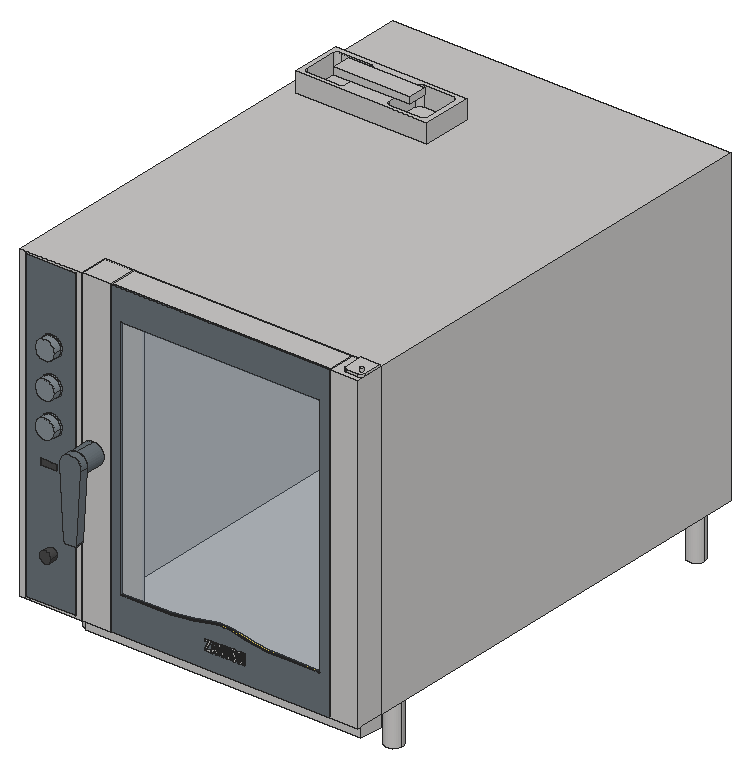
Revit family "QF_ZANUSSI_240477_ZFCG12CSBS", category Specialty Equipment, Revit 2023 (continued)
Definition of nested family "ZAN_DOOR_CROSSWISE_H820"
  Automatic sketch dimensions
    Extrusion 4 sketch curve to Extrusion 4 sketch curve = 0.597 mm  (x2)
    Extrusion 4 sketch curve to Extrusion 4 sketch curve = 2.07 mm  (x2)
    Extrusion 4 sketch curve to Extrusion 4 sketch curve = 1.298 mm  (x2)
    Extrusion 4 sketch curve to Extrusion 4 sketch curve = 1.366 mm  (x2)
    Extrusion 4 sketch curve to Extrusion 4 sketch curve = 0.362 mm  (x2)
    Extrusion 4 sketch curve to Extrusion 4 sketch curve = 0.15 mm  (x2)
    Extrusion 4 sketch curve to Extrusion 4 sketch curve = 0.726 mm  (x3)
    Extrusion 4 sketch curve to Extrusion 4 sketch curve = 0.409 mm  (x2)
    Extrusion 4 sketch curve to Extrusion 4 sketch curve = 1.432 mm  (x2)
    Extrusion 4 sketch curve to Extrusion 4 sketch curve = 2.132 mm  (x2)
    Extrusion 4 sketch curve to Extrusion 4 sketch curve = 2.415 mm  (x2)
    Extrusion 4 sketch curve to Extrusion 4 sketch curve = 2.892 mm  (x2)
    Extrusion 4 sketch curve to Extrusion 4 sketch curve = 4.969 mm
    Extrusion 4 sketch curve to Extrusion 4 sketch curve = 2.57 mm
    Extrusion 4 sketch curve to Extrusion 4 sketch curve = 0.116 mm
    Extrusion 4 sketch curve to Extrusion 4 sketch curve = 2.846 mm
    Extrusion 4 sketch curve to Extrusion 4 sketch curve = 4.422 mm  (x2)
    Extrusion 4 sketch curve to Extrusion 4 sketch curve = 1.773 mm
    Extrusion 4 sketch curve to Extrusion 4 sketch curve = 5.719 mm
    Extrusion 4 sketch curve to Extrusion 4 sketch curve = 3.505 mm
    Extrusion 4 sketch curve to Extrusion 4 sketch curve = 1.646 mm
    Extrusion 4 sketch curve to Extrusion 4 sketch curve = 0.109 mm
    Extrusion 4 sketch curve to Extrusion 4 sketch curve = 1.311 mm
    Extrusion 4 sketch curve to Extrusion 4 sketch curve = 6.224 mm
    Extrusion 4 sketch curve to Extrusion 4 sketch curve = 6.061 mm
    Extrusion 4 sketch curve to Extrusion 4 sketch curve = 5.967 mm
    Extrusion 4 sketch curve to Extrusion 4 sketch curve = 5.897 mm  (x2)
    Extrusion 4 sketch curve to Extrusion 4 sketch curve = 0.819 mm  (x3)
    Extrusion 4 sketch curve to Extrusion 4 sketch curve = 3.276 mm
    Extrusion 4 sketch curve to Extrusion 4 sketch curve = 0.856 mm
    Extrusion 4 sketch curve to Extrusion 4 sketch curve = 5.934 mm
    Extrusion 4 sketch curve to Extrusion 4 sketch curve = 6.716 mm
    Extrusion 4 sketch curve to Extrusion 4 sketch curve = 8.598 mm
    Extrusion 4 sketch curve to Extrusion 4 sketch curve = 7.535 mm
    Extrusion 4 sketch curve to Extrusion 4 sketch curve = 6.308 mm
    Extrusion 4 sketch curve to Extrusion 4 sketch curve = 1.217 mm
    Extrusion 4 sketch curve to Extrusion 4 sketch curve = 3.121 mm  (x2)
    Extrusion 5 sketch curve to plane 7 = 0 mm  (x2)
    Extrusion 5 sketch curve to plane 9 = 0 mm
    Extrusion 5 sketch curve to plane 16 = 0 mm
    Extrusion 5 sketch curve to plane 5 "Feet" = 0 mm
    plane 15 to Extrusion 5 sketch curve = 0 mm
    plane 13 to Extrusion 5 sketch curve = 0 mm
    plane 14 to Extrusion 5 sketch curve = 0 mm
    Extrusion 6 sketch curve to plane 7 = 0 mm
    Extrusion 6 sketch curve to plane 9 = 0 mm
    Extrusion 6 sketch curve to plane 16 = 0 mm
    plane 13 to Extrusion 6 sketch curve = 0 mm
    Extrusion 7 sketch curve to plane 4 "Top" = 0 mm
    Extrusion 7 sketch curve to plane 7 = 0 mm
    plane 15 to Extrusion 7 sketch curve = 0 mm
    Extrusion 7 sketch curve to plane 14 = 0 mm
    plane 5 "Feet" to Extrusion 10 sketch curve = 0 mm
    Extrusion 10 sketch curve to plane 1 "Center (Front/Back)" = 0 mm
    plane 6 "Front" to Extrusion 10 sketch curve = 10 mm
    Extrusion 10 sketch curve to Extrusion 10 sketch curve = 25 mm
    Extrusion 10 sketch curve to Extrusion 10 sketch curve = 29.545 mm
    plane 6 "Front" to Extrusion 11 sketch curve = 33.081 mm
    Extrusion 11 sketch curve to plane 3 "Center (Left/Right)" = 17.1 mm
    plane 1 "Center (Front/Back)" to Extrusion 12 sketch curve = 0 mm
    Extrusion 12 sketch curve to plane 3 "Center (Left/Right)" = 2.67 mm
    plane 6 "Front" to Extrusion 12 sketch curve = 25 mm  (x2)
    Extrusion 12 sketch curve to Extrusion 12 sketch curve = 10 mm
    Extrusion 12 sketch curve to Extrusion 12 sketch curve = 30 mm
    Extrusion 14 sketch curve to Extrusion 14 sketch curve = 0 mm  (x10)
    Extrusion 14 sketch curve to plane 4 "Top" = 59.547 mm  (x2)
    Extrusion 14 sketch curve to Extrusion 14 sketch curve = 19.857 mm  (x2)
    plane 16 to Extrusion 14 sketch curve = 75.313 mm  (x2)
    Extrusion 14 sketch curve to Extrusion 14 sketch curve = 0.426 mm  (x2)
    plane 16 to Extrusion 14 sketch curve = 72.277 mm  (x2)
    plane 5 "Feet" to Extrusion 14 sketch curve = 14.106 mm
    plane 13 to Extrusion 14 sketch curve = 38.728 mm
    plane 13 to Extrusion 14 sketch curve = 93.987 mm
    Extrusion 14 sketch curve to Extrusion 14 sketch curve = 1.078 mm  (x2)
    Extrusion 14 sketch curve to Extrusion 14 sketch curve = 20.088 mm  (x2)
    Extrusion 14 sketch curve to Extrusion 14 sketch curve = 0.669 mm
    plane 9 to Extrusion 14 sketch curve = 132.513 mm
    plane 9 to Extrusion 14 sketch curve = 125.32 mm
    plane 9 to Extrusion 14 sketch curve = 57.166 mm
    plane 16 to Extrusion 14 sketch curve = 93.896 mm
    Extrusion 14 sketch curve to Extrusion 14 sketch curve = 0.343 mm
    Extrusion 14 sketch curve to Extrusion 14 sketch curve = 0.346 mm
    Extrusion 14 sketch curve to Extrusion 14 sketch curve = 1.209 mm
    Extrusion 14 sketch curve to Extrusion 14 sketch curve = 5.816 mm  (x2)
    Extrusion 14 sketch curve to Extrusion 14 sketch curve = 5.779 mm
    Extrusion 14 sketch curve to Extrusion 14 sketch curve = 5.783 mm
    Extrusion 15 sketch curve to Extrusion 15 sketch curve = 0 mm  (x13)
    Extrusion 15 sketch curve to plane 9 = 0 mm
    plane 13 to Extrusion 15 sketch curve = 0 mm
    Extrusion 15 sketch curve to plane 4 "Top" = 59.547 mm  (x2)
    plane 8 to Extrusion 15 sketch curve = 0.808 mm  (x2)
    plane 17 to Extrusion 15 sketch curve = 113.011 mm  (x2)
    Extrusion 15 sketch curve to Extrusion 15 sketch curve = 0.173 mm  (x2)
    Extrusion 15 sketch curve to Extrusion 15 sketch curve = 19.857 mm  (x2)
    Extrusion 15 sketch curve to Extrusion 15 sketch curve = 19.97 mm  (x2)
    plane 16 to Extrusion 15 sketch curve = 75.313 mm  (x2)
    Extrusion 15 sketch curve to Extrusion 15 sketch curve = 0.426 mm  (x2)
    Extrusion 15 sketch curve to Extrusion 15 sketch curve = 2.497 mm  (x2)
    Extrusion 15 sketch curve to Extrusion 15 sketch curve = 2.422 mm  (x2)
    plane 16 to Extrusion 15 sketch curve = 72.277 mm  (x2)
    plane 5 "Feet" to Extrusion 15 sketch curve = 14.106 mm
    Extrusion 15 sketch curve to Extrusion 15 sketch curve = 14.485 mm
    Extrusion 15 sketch curve to Extrusion 15 sketch curve = 15.571 mm
    Extrusion 15 sketch curve to level = 90.354 mm
    plane 13 to Extrusion 15 sketch curve = 172.943 mm
    Extrusion 15 sketch curve to Extrusion 15 sketch curve = 250.632 mm
    plane 13 to Extrusion 15 sketch curve = 38.728 mm
    plane 13 to Extrusion 15 sketch curve = 66.611 mm
    Extrusion 15 sketch curve to Extrusion 15 sketch curve = 79.596 mm
    Extrusion 15 sketch curve to Extrusion 15 sketch curve = 14.39 mm
    Extrusion 15 sketch curve to Extrusion 15 sketch curve = 0.048 mm  (x2)
    plane 13 to Extrusion 15 sketch curve = 105.804 mm
    Extrusion 15 sketch curve to Extrusion 15 sketch curve = 1.078 mm  (x2)
    Extrusion 15 sketch curve to Extrusion 15 sketch curve = 1.817 mm
    Extrusion 15 sketch curve to Extrusion 15 sketch curve = 0.955 mm  (x2)
    Extrusion 15 sketch curve to Extrusion 15 sketch curve = 20.088 mm
    Extrusion 15 sketch curve to Extrusion 15 sketch curve = 0.061 mm  (x2)
    plane 13 to Extrusion 15 sketch curve = 221.698 mm
    Extrusion 15 sketch curve to Extrusion 15 sketch curve = 28.998 mm
    Extrusion 15 sketch curve to Extrusion 15 sketch curve = 2.06 mm
    Extrusion 15 sketch curve to Extrusion 15 sketch curve = 0.191 mm
    Extrusion 15 sketch curve to Extrusion 15 sketch curve = 0.669 mm
    Extrusion 15 sketch curve to Extrusion 15 sketch curve = 1.051 mm
    Extrusion 15 sketch curve to Extrusion 15 sketch curve = 5.17 mm
    Extrusion 15 sketch curve to Extrusion 15 sketch curve = 63.165 mm
    Extrusion 15 sketch curve to Extrusion 15 sketch curve = 160.676 mm
    plane 9 to Extrusion 15 sketch curve = 132.574 mm
    plane 9 to Extrusion 15 sketch curve = 126.275 mm
    Extrusion 15 sketch curve to Extrusion 15 sketch curve = 0.216 mm
    Extrusion 15 sketch curve to Extrusion 15 sketch curve = 20.101 mm
    Extrusion 15 sketch curve to Extrusion 15 sketch curve = 14.439 mm
    plane 9 to Extrusion 15 sketch curve = 85.049 mm
    plane 9 to Extrusion 15 sketch curve = 57.166 mm
    plane 16 to Extrusion 15 sketch curve = 93.896 mm
    Extrusion 15 sketch curve to Extrusion 15 sketch curve = 0.343 mm
    Extrusion 15 sketch curve to Extrusion 15 sketch curve = 0.346 mm
    Extrusion 15 sketch curve to Extrusion 15 sketch curve = 1.209 mm
    Extrusion 15 sketch curve to Extrusion 15 sketch curve = 2.747 mm
    Extrusion 15 sketch curve to Extrusion 15 sketch curve = 2.745 mm  (x2)
    Extrusion 15 sketch curve to Extrusion 15 sketch curve = 2.666 mm
    Extrusion 15 sketch curve to Extrusion 15 sketch curve = 2.667 mm
    Extrusion 15 sketch curve to Extrusion 15 sketch curve = 5.816 mm  (x2)
    Extrusion 15 sketch curve to Extrusion 15 sketch curve = 2.231 mm
    Extrusion 15 sketch curve to Extrusion 15 sketch curve = 5.779 mm
    Extrusion 15 sketch curve to Extrusion 15 sketch curve = 5.783 mm
    Extrusion 15 sketch curve to Extrusion 15 sketch curve = 2.602 mm
    Extrusion 15 sketch curve to Extrusion 15 sketch curve = 2.603 mm
    Extrusion 2 sketch curve to plane 4 "Top" = 0 mm
    Extrusion 2 sketch curve to plane 8 = 0 mm
    Extrusion 2 sketch curve to plane 9 = 0 mm
    Extrusion 2 sketch curve to plane 5 "Feet" = 0 mm
    plane 8 to Extrusion 2 sketch curve = 0.808 mm  (x2)
    plane 17 to Extrusion 2 sketch curve = 113.011 mm  (x2)
    Extrusion 2 sketch curve to Extrusion 2 sketch curve = 40 mm  (x2)
    plane 16 to Extrusion 2 sketch curve = 72.816 mm
    Extrusion 2 sketch curve to Extrusion 2 sketch curve = 0.351 mm  (x2)
    plane 16 to Extrusion 2 sketch curve = 72.277 mm
    Extrusion 2 sketch curve to Extrusion 2 sketch curve = 0.187 mm  (x2)
    plane 5 "Feet" to Extrusion 2 sketch curve = 51.274 mm
    Extrusion 2 sketch curve to Extrusion 2 sketch curve = 0 mm  (x5)
    Extrusion 2 sketch curve to Extrusion 2 sketch curve = 15.473 mm
    plane 9 to Extrusion 2 sketch curve = 191.381 mm
    Extrusion 2 sketch curve to level = 340.986 mm
    plane 15 to Extrusion 2 sketch curve = 0 mm
    plane 13 to Extrusion 2 sketch curve = 66.611 mm
    plane 13 to Extrusion 2 sketch curve = 79.596 mm
    Extrusion 2 sketch curve to Extrusion 2 sketch curve = 14.439 mm  (x2)
    plane 13 to Extrusion 2 sketch curve = 107.621 mm
    Extrusion 2 sketch curve to Extrusion 2 sketch curve = 0.216 mm  (x2)
    Extrusion 2 sketch curve to Extrusion 2 sketch curve = 20.101 mm  (x2)
    Extrusion 2 sketch curve to Extrusion 2 sketch curve = 160.676 mm
    Extrusion 2 sketch curve to Extrusion 2 sketch curve = 137.516 mm
    Extrusion 2 sketch curve to Extrusion 2 sketch curve = 1.285 mm
    Extrusion 2 sketch curve to Extrusion 2 sketch curve = 0.691 mm
    Extrusion 2 sketch curve to Extrusion 2 sketch curve = 3.257 mm
    plane 9 to Extrusion 2 sketch curve = 132.574 mm
    plane 9 to Extrusion 2 sketch curve = 126.275 mm
    plane 9 to Extrusion 2 sketch curve = 85.049 mm
    Extrusion 2 sketch curve to plane 14 = 0 mm
    plane 16 to Extrusion 2 sketch curve = 90.843 mm
    Extrusion 2 sketch curve to Extrusion 2 sketch curve = 0.408 mm
    Extrusion 2 sketch curve to Extrusion 2 sketch curve = 0.411 mm
    Extrusion 2 sketch curve to Extrusion 2 sketch curve = 0.755 mm
    Extrusion 2 sketch curve to Extrusion 2 sketch curve = 0.758 mm
    Extrusion 2 sketch curve to Extrusion 2 sketch curve = 5.38 mm
    Extrusion 2 sketch curve to Extrusion 2 sketch curve = 6.15 mm
    Extrusion 2 sketch curve to Extrusion 2 sketch curve = 6.154 mm
    plane 13 to Extrusion 2 sketch curve = 0 mm
    plane 17 to Extrusion 14 sketch curve = 112.838 mm  (x2)
    Extrusion 14 sketch curve to level = 90.354 mm
    Extrusion 14 sketch curve to plane 3 "Center (Left/Right)" = 205.804 mm
    Extrusion 14 sketch curve to plane 3 "Center (Left/Right)" = 321.698 mm
    Extrusion 14 sketch curve to Extrusion 14 sketch curve = 138.871 mm
    Extrusion 14 sketch curve to Extrusion 14 sketch curve = 63.165 mm
    Extrusion 8 sketch curve to plane 17 = 0 mm
    Extrusion 8 sketch curve to plane 18 = 0 mm
    plane 18 to Extrusion 8 sketch curve = 11.817 mm
    Extrusion 8 sketch curve to Extrusion 8 sketch curve = 4.988 mm
    Extrusion 8 sketch curve to plane 17 = 1.756 mm
    Extrusion 8 sketch curve to plane 12 = 19.055 mm
    Extrusion 8 sketch curve to plane 18 = 11.817 mm
    Extrusion 8 sketch curve to Extrusion 8 sketch curve = 4.99 mm
    Extrusion 8 sketch curve to Extrusion 8 sketch curve = 176.899 mm
    Extrusion 8 sketch curve to Extrusion 8 sketch curve = 0 mm
    Extrusion 8 sketch curve to Extrusion 8 sketch curve = 0.313 mm
    Extrusion 8 sketch curve to plane 11 = 0.013 mm
    plane 1 "Center (Front/Back)" to curve 5 = 0 mm
    curve 8 to plane 3 "Center (Left/Right)" = 0 mm
    curve 14 to plane 3 "Center (Left/Right)" = 2.67 mm
    curve 12 to plane 3 "Center (Left/Right)" = 12.67 mm
    curve 16 to curve 13 = 4.431 mm
    curve 15 to curve 11 = 10 mm
    curve 4 to plane 12 = 11.987 mm
    curve 3 to plane 11 = 0.013 mm
    curve 6 to plane 11 = 0.004 mm
    curve 3 to curve 2 = 74.533 mm
    curve 13 to curve 16 = 8.081 mm
    curve 10 to plane 10 = 0 mm
    plane 9 to curve 9 = 0 mm
    curve 3 to curve 1 = 20 mm
    Extrusion 13 sketch curve to plane 6 "Front" = 0 mm
    Extrusion 13 sketch curve to plane 3 "Center (Left/Right)" = 0 mm
    Extrusion 13 sketch curve to plane 3 "Center (Left/Right)" = 17.33 mm
    plane 6 "Front" to Extrusion 13 sketch curve = 22.83 mm
    plane 11 to Extrusion 13 sketch curve = 0.004 mm
    curve 15 to plane 10 = 22.33 mm
    curve 3 to plane 6 "Front" = 75 mm
    plane 6 "Front" to curve 12 = 15 mm
    curve 18 to plane 6 "Front" = 0 mm
    curve 18 to plane 3 "Center (Left/Right)" = 0 mm
    curve 18 to curve 13 = 4.66 mm
    curve 18 to curve 13 = 2.17 mm
    curve 17 to curve 7 = 672.575 mm
    plane 11 to curve 18 = 0.004 mm
    radius of Extrusion 9 sketch curve = 28 mm
    radius of Extrusion 11 sketch curve = 5 mm
    radius of curve 16 = 5 mm
